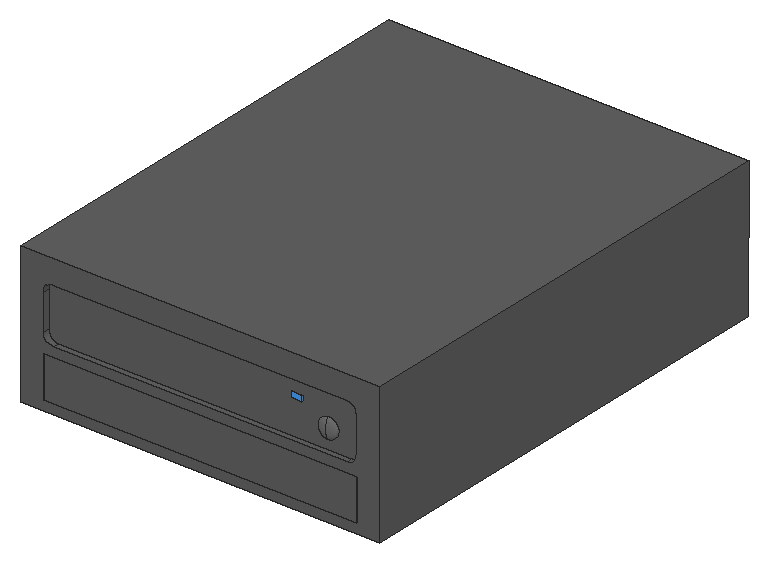
Revit family "Network IO Expander-Control-Q-SYS-QIO-LVR4", category Communication Devices, host Face, Revit 2022
Family settings
  Host = Face
  Round Connector Dimension = Use Diameter
  Part Type = Normal
  OmniClass Number = 23.85.10.17.11
  OmniClass Title = Audio-Visual System Components
  Cut with Voids When Loaded = No
  Maintain Annotation Orientation = No
  Shared = No
  Room Calculation Point = No
Parameters (values of type "LVR4")
  Width = 109.0 mm
  Weight Product = 1.18
  Weight Dimensional = 1.84
  Weight = 1.18 lbm
  Voltage = 24 V
  URL = "https://www.qsys.com/"
  Type Comments = "LVR4"
  Product Page URL = "https://www.qsys.com/products/q-sys/control-io-controllers/qio-series/qio-lvr4/?L=0"
  Product Documentation Link = "https://www.qsys.com/resource-files/productresources/dn/qio_series/lvr4/q_dn_qsys_qio_lvr4_specs.pdf"
  Power Factor = 0.9
  Part Number = ""
  Number of Poles = 2
  Model = "LVR4"
  Minimum Circuit Amps = 2.5 A
  Manufacturer URL = "https://www.qsys.com/"
  Manufacturer = "Q-SYS"
  Load Classification = Other
  Length 6 = 2.0 mm
  Length 5 = 11.0 mm
  Length 4 = 0.5 mm
  Length 3 = 7.0 mm
  Length 2 = 11.0 mm
  Length 1 = 3.0 mm
  LED Material = Plastic - Q-SYS - LED Blue
  IQ Category = "Network IO Expander"  # constant formula
  Highlight Material = Plastic - Q-SYS - Black
  Height = 42.4 mm
  Grille Material = Paint - Q-SYS - Black Mesh 2
  Frame Depth = 2.0 mm
  Description = "Surface mounted network low-voltage relay expander for Q-SYS platform."
  Depth = 140.0 mm
  Default Elevation = 1219.2 mm
  Body Width = Width  # 109.0 mm
  Body Offset = 0.0 mm
  Body Material = Paint - Q-SYS - Black
  Apparent Load = Voltage * Minimum Circuit Amps / Power Factor  # 66.6667 VA
Reference planes
  plane 1 "Center (Front/Back)": y = 0
  plane 2: z = 0
  plane 3 "Center (Left/Right)": x = 0
  plane 4 "Back": y = 70
  plane 5 "Front": y = -70
  plane 6 "Left": x = -54.5
  plane 7 "Right": x = 54.5
  plane 8 "body left": x = -54.5
  plane 9 "body right": x = 54.5
  plane 10 "Bottom": z = 0
  plane 11 "Top": z = 42.4
  plane 12 "body bottom": z = 0
  plane 13: z = 35.4
  plane 14: z = 18.4
  plane 15: x = -47.5
  plane 16: x = 47.5
  plane 17: y = -68
  plane 18: x = 37.5
  plane 19: z = 24.4
  plane 20: y = -66
Forms (mm)
  Extrusion 1, solid, detail levels coarse
    sketch origin (0, 0, 0) x (1, 0, 0) y (0, 1, 0)
      loop
        line (-54.5, 70) -> (-54.5, -70) -> (54.5, -70) -> (54.5, 70) -> (-54.5, 70)
    from 0 to 42.4
  Extrusion 2, solid, material "Paint - Q-SYS - Black" <- "Body Material", detail levels medium+fine
    sketch origin (0, 0, 42.4) x (-1, 0, 0) y (0, -1, 0)
      loop
        line (54.5, -70) -> (54.5, 70) -> (-54.5, 70) -> (-54.5, -70) -> (54.5, -70)
    from -42.4 to 0
  Extrusion 3, void
    sketch origin (0, -70, 0) x (-1, 0, 0) y (0, 0, 1)
      loop
        line (44.5, 35.4) -> (-44.5, 35.4)
        arc (-44.5, 35.4) -> (-46.621, 34.521) -> (-47.5, 32.4) r 3
        line (-47.5, 32.4) -> (-47.5, 21.4)
        arc (-47.5, 21.4) -> (-46.621, 19.279) -> (-44.5, 18.4) r 3
        line (-44.5, 18.4) -> (44.5, 18.4)
        arc (44.5, 18.4) -> (46.621, 19.279) -> (47.5, 21.4) r 3
        line (47.5, 21.4) -> (47.5, 32.4)
        arc (47.5, 32.4) -> (46.621, 34.521) -> (44.5, 35.4) r 3
    from 0 to 2
  Extrusion 4, void
    sketch origin (0, -70, 0) x (-1, 0, 0) y (0, 0, 1)
      loop
        line (-47.5, 15.4) -> (-47.5, 3) -> (47.5, 3) -> (47.5, 15.4) -> (-47.5, 15.4)
    from 2 to 0
  Extrusion 5, solid, material "Paint - Q-SYS - Black Mesh 2" <- "Grille Material", detail levels medium+fine
    sketch origin (0, -70, 0) x (-1, 0, 0) y (0, 0, 1)
      loop
        line (-47.5, 15.4) -> (-47.5, 3) -> (47.5, 3) -> (47.5, 15.4) -> (-47.5, 15.4)
    from 2 to 0
  Revolve 6, solid, material "Plastic - Q-SYS - Black" <- "Highlight Material", detail levels fine
    sketch origin (37.5, -4572, 54.072) x (0, 0, 1) y (0, -1, 0)
      loop
        line (-29.672, -4504) -> (-26.63, -4504)
        spline (-26.63, -4504) -> (-26.656, -4503.869) -> (-26.733, -4503.741) -> (-26.861, -4503.617) -> (-27.037, -4503.5) -> (-27.258, -4503.391) -> (-27.521, -4503.293) -> (-27.82, -4503.207) -> (-28.151, -4503.134) -> (-28.507, -4503.076) -> (-28.884, -4503.034) -> (-29.275, -4503.009) -> (-29.672, -4503)
        line (-29.672, -4503) -> (-29.672, -4504)
      axis (-29.672, -4504) -> (-29.672, -4503)
    angle from 0 to 360
  Extrusion 7, solid, material "Plastic - Q-SYS - LED Blue" <- "LED Material", detail levels fine
    sketch origin (-210.176, -66, 1219.2) x (-1, 0, 0) y (0, 0, 1)
      loop
        line (-236.544, -1188.705) -> (-239.792, -1188.705) -> (-239.792, -1190.329) -> (-236.544, -1190.329) -> (-236.544, -1188.705)
    from 0 to -2.2
  Extrusion 8, solid, material "Paint - Q-SYS - Black" <- "Body Material", detail levels medium+fine
    sketch origin (0, 70, 0) x (-1, 0, 0) y (0, 0, 1)
      loop
        line (-47.5, 14) -> (-47.5, 7) -> (-36.5, 7) -> (-36.5, 14) -> (-47.5, 14)
      loop
        line (-25, 7) -> (-25, 14) -> (-36, 14) -> (-36, 7) -> (-25, 7)
      loop
        line (-24.5, 14) -> (-24.5, 7) -> (-13.5, 7) -> (-13.5, 14) -> (-24.5, 14)
      loop
        line (-2, 7) -> (-2, 14) -> (-13, 14) -> (-13, 7) -> (-2, 7)
    from 0 to -1
Cuts and joins
  Extrusion 3, Extrusion 4 cuts Extrusion 2
Lines and regions (mm)
  Masking region 1, detail levels coarse
    outline origin (0, 0, 0) x (1, 0, 0) y (0, 1, 0)
      loop
        line (-54.5, 70) -> (-54.5, -70) -> (54.5, -70) -> (54.5, 70) -> (-54.5, 70)
  Masking region 2, detail levels coarse
    outline origin (0, 0, 0) x (1, 0, 0) y (0, 0, 1)
      loop
        line (54.5, 42.4) -> (-54.5, 42.4) -> (-54.5, 0) -> (54.5, 0) -> (54.5, 42.4)
  Masking region 3, detail levels medium+fine
    outline origin (0, 0, 0) x (1, 0, 0) y (0, 0, 1)
      loop
        line (54.5, 42.4) -> (-54.5, 42.4) -> (-54.5, 0) -> (54.5, 0) -> (54.5, 42.4)
  Masking region 4, detail levels coarse
    outline origin (0, 0, 0) x (0, 1, 0) y (0, 0, 1)
      loop
        line (-70, 42.4) -> (-70, 0) -> (70, 0) -> (70, 42.4) -> (-70, 42.4)
  Masking region 5, detail levels medium+fine
    outline origin (0, 0, 0) x (0, 1, 0) y (0, 0, 1)
      loop
        line (-70, 42.4) -> (-70, 0) -> (70, 0) -> (70, 42.4) -> (-70, 42.4)
  Masking region 6, detail levels medium+fine
    outline origin (0, 0, 42.4) x (-1, 0, 0) y (0, -1, 0)
      loop
        line (-54.5, -70) -> (54.5, -70) -> (54.5, 70) -> (-54.5, 70) -> (-54.5, -70)
  symbolic lines, style "Detail", detail levels fine
    curve 1: circle (37.5, -70, 24.4) r 3.042 normal (0, 1, 0)
    curve 10: line (26.367, -70, 28.871) -> (29.615, -70, 28.871)
    curve 11: line (29.615, -70, 28.871) -> (29.615, -70, 30.495)
    curve 12: line (29.615, -70, 30.495) -> (26.367, -70, 30.495)
    curve 13: line (26.367, -70, 30.495) -> (26.367, -70, 28.871)
  symbolic lines, style "Outline", detail levels medium+fine
    curve 2: line (-44.5, -70, 35.4) -> (44.5, -70, 35.4)
    curve 3: arc (44.5, -70, 35.4) -> (46.621, -70, 34.521) -> (47.5, -70, 32.4) r 3
    curve 4: line (47.5, -70, 32.4) -> (47.5, -70, 21.4)
    curve 5: arc (47.5, -70, 21.4) -> (46.621, -70, 19.279) -> (44.5, -70, 18.4) r 3
    curve 6: line (44.5, -70, 18.4) -> (-44.5, -70, 18.4)
    curve 7: arc (-44.5, -70, 18.4) -> (-46.621, -70, 19.279) -> (-47.5, -70, 21.4) r 3
    curve 8: line (-47.5, -70, 21.4) -> (-47.5, -70, 32.4)
    curve 9: arc (-47.5, -70, 32.4) -> (-46.621, -70, 34.521) -> (-44.5, -70, 35.4) r 3
Dimensions and locks
  equal spacing: plane 4 "Back", plane 1 "Center (Front/Back)", plane 5 "Front"
  "Depth": plane 4 "Back" to plane 5 "Front"
  equal spacing: plane 6 "Left", plane 3 "Center (Left/Right)", plane 7 "Right"
  "Width": plane 6 "Left" to plane 7 "Right"
  "Height": plane 11 "Top" to plane 12 "body bottom"
  "Body Offset": plane 12 "body bottom" to plane 10 "Bottom"
  equal spacing: plane 8 "body left", plane 3 "Center (Left/Right)", plane 9 "body right"
  "Body Width": plane 8 "body left" to plane 9 "body right"
  locked: plane 13 to plane 14 at 17
  locked: plane 11 "Top" to plane 13 at 7
  locked: plane 9 "body right" to plane 16 at 7
  locked: plane 15 to plane 8 "body left" at 7
  "Frame Depth": plane 17 to plane 5 "Front"
  locked: plane 19 to plane 14 at 6
  "Frame Depth": plane 20 to plane 17
  plane 16 to plane 18 = 10.0 mm
  "Length 1": Extrusion 4 sketch curve to plane 12 "body bottom"
  "Length 1": plane 14 to Extrusion 4 sketch curve
  "Length 3": Extrusion 8 sketch curve to Extrusion 8 sketch curve
  locked: plane 12 "body bottom" to Extrusion 8 sketch curve at 7
  "Length 2": Extrusion 8 sketch curve to Extrusion 8 sketch curve
  "Length 4": Extrusion 8 sketch curve to Extrusion 8 sketch curve  (x3)
  "Length 1": radius of Extrusion 3 sketch curve  (x4)
  aligned and locked: plane 2 to host face
  aligned and locked: level to host face
  aligned and locked: plane 6 "Left" to Extrusion 1 sketch curve
  aligned and locked: Extrusion 1 sketch curve to plane 4 "Back"
  aligned and locked: Extrusion 1 sketch curve to plane 7 "Right"
  aligned and locked: plane 5 "Front" to Extrusion 1 sketch curve
  aligned and locked: level to plane 10 "Bottom"
  aligned and locked: plane 6 "Left" to Masking region 1 sketch curve
  aligned and locked: Masking region 1 sketch curve to plane 7 "Right"
  aligned and locked: Masking region 1 sketch curve to plane 4 "Back"
  aligned and locked: plane 5 "Front" to Masking region 1 sketch curve
  aligned and locked: Masking region 2 sketch curve to Extrusion 1  (x4)
  aligned and locked: Extrusion 1 to plane 10 "Bottom"
  aligned and locked: plane 11 "Top" to Extrusion 1
  aligned and locked: Masking region 4 sketch curve to Extrusion 1  (x4)
  aligned and locked: Extrusion 2 sketch curve to plane 9 "body right"
  aligned and locked: plane 5 "Front" to Extrusion 2 sketch curve
  aligned and locked: plane 8 "body left" to Extrusion 2 sketch curve
  aligned and locked: Extrusion 2 sketch curve to plane 4 "Back"
  aligned and locked: Extrusion 2 to plane 12 "body bottom"
  aligned and locked: plane 11 "Top" to Extrusion 2
  aligned and locked: plane 15 to Extrusion 3 sketch curve
  aligned and locked: Extrusion 3 sketch curve to plane 16
  aligned and locked: plane 17 to Extrusion 3
  aligned and locked: Extrusion 3 to plane 5 "Front"
  aligned and locked: Extrusion 4 to plane 17
  aligned and locked: cut or joined group of Extrusion 2, Extrusion 3, Extrusion 4 to Extrusion 5 sketch curve  (x2)
  aligned and locked: Extrusion 5 sketch curve to cut or joined group of Extrusion 2, Extrusion 3, Extrusion 4  (x2)
  aligned and locked: Extrusion 5 to plane 17
  aligned and locked: Revolve 6 sketch curve to plane 19
  aligned and locked: Masking region 6 sketch curve to cut or joined group of Extrusion 2, Extrusion 3, Extrusion 4  (x4)
  aligned and locked: curve 1 to Revolve 6
  aligned and locked: curve 3 to cut or joined group of Extrusion 2, Extrusion 3, Extrusion 4
  aligned and locked: curve 5 to cut or joined group of Extrusion 2, Extrusion 3, Extrusion 4
  aligned and locked: curve 7 to cut or joined group of Extrusion 2, Extrusion 3, Extrusion 4
  aligned and locked: curve 9 to cut or joined group of Extrusion 2, Extrusion 3, Extrusion 4
  aligned and locked: plane 16 to Extrusion 4 sketch curve
  aligned and locked: Extrusion 4 sketch curve to plane 15
  aligned and locked: Extrusion 8 sketch curve to Extrusion 8 sketch curve  (x4)
  aligned and locked: curve 10 to Extrusion 7
  aligned and locked: curve 11 to Extrusion 7
  aligned and locked: curve 12 to Extrusion 7
  aligned and locked: curve 13 to Extrusion 7
Automatic sketch dimensions
  host sketch curve to host sketch curve = 2438.4 mm  (x2)
  plane 19 to Extrusion 7 sketch curve = 4.471 mm
  Extrusion 7 sketch curve to Extrusion 7 sketch curve = 1.624 mm
  Extrusion 7 sketch curve to plane 16 = 17.885 mm
  Extrusion 7 sketch curve to Extrusion 7 sketch curve = 3.248 mm
  Masking region 3 sketch curve to plane 6 "Left" = 0.0 mm
  Masking region 3 sketch curve to level = 0.0 mm
  Masking region 3 sketch curve to plane 7 "Right" = 0.0 mm
  Masking region 3 sketch curve to plane 11 "Top" = 0.0 mm
  Masking region 5 sketch curve to plane 5 "Front" = 0.0 mm
  Masking region 5 sketch curve to level = 0.0 mm
  Masking region 5 sketch curve to plane 4 "Back" = 0.0 mm
  Masking region 5 sketch curve to plane 11 "Top" = 0.0 mm
  Revolve 6 sketch curve to plane 17 = 0.0 mm
  Revolve 6 sketch curve to plane 19 = 0.0 mm  (x2)
  Revolve 6 sketch curve to Revolve 6 sketch curve = 3.042 mm
  Revolve 6 sketch curve to Revolve 6 sketch curve = 1.0 mm
  plane 20 to Revolve 6 sketch curve = 22.85 mm
  Revolve 6 sketch curve to plane 5 "Front" = 26.848 mm
  Extrusion 3 sketch curve to plane 14 = 0.0 mm
  Extrusion 3 sketch curve to plane 13 = 0.0 mm
  Extrusion 8 sketch curve to plane 16 = 0.0 mm
  Extrusion 8 sketch curve to plane 14 = 4.4 mm
  Extrusion 8 sketch curve to Extrusion 8 sketch curve = 11.0 mm  (x2)
  plane 3 "Center (Left/Right)" to Extrusion 8 sketch curve = 2.0 mm
  level to Extrusion 8 sketch curve = 7.0 mm
Connectors
  electrical at (0, 70, 21.2), driven by "Number of Poles", driven by "Load Classification", driven by "Voltage", driven by "Apparent Load", driven by "Power Factor"
    settings: on cut or joined group of Extrusion 2, Extrusion 3, Extrusion 4, index 1, voltage 24 V, apparent load 66.6667 VA, apparent load phase1 0 VA, apparent load phase2 0 VA, apparent load phase3 0 VA, power factor 0.9, load classification "Other", number of poles 2, system type 30, power factor state 1, is connector primary yes, connector utility no, sub classification motor no, connector description "Power"
  electrical at (0, 70, 21.2)
    settings: on cut or joined group of Extrusion 2, Extrusion 3, Extrusion 4, index 2, voltage 0 V, apparent load 0 VA, apparent load phase1 0 VA, apparent load phase2 0 VA, apparent load phase3 0 VA, power factor 1, load classification "Other", number of poles 1, system type 5, power factor state 1, is connector primary no, connector utility no, sub classification motor no, connector description "Ethernet Network"
  electrical at (42, 70, 10.5)
    settings: on Extrusion 8, index 3, voltage 0 V, apparent load 0 VA, apparent load phase1 0 VA, apparent load phase2 0 VA, apparent load phase3 0 VA, power factor 1, load classification "Other", number of poles 1, system type 13, power factor state 1, is connector primary no, connector utility no, sub classification motor no, connector description "RELAY Output 1"
  electrical at (30.5, 70, 10.5)
    settings: on Extrusion 8, index 4, voltage 0 V, apparent load 0 VA, apparent load phase1 0 VA, apparent load phase2 0 VA, apparent load phase3 0 VA, power factor 1, load classification "Other", number of poles 1, system type 13, power factor state 1, is connector primary no, connector utility no, sub classification motor no, connector description "RELAY Output 2"
  electrical at (19, 70, 10.5)
    settings: on Extrusion 8, index 5, voltage 0 V, apparent load 0 VA, apparent load phase1 0 VA, apparent load phase2 0 VA, apparent load phase3 0 VA, power factor 1, load classification "Other", number of poles 1, system type 13, power factor state 1, is connector primary no, connector utility no, sub classification motor no, connector description "RELAY Output 3"
  electrical at (7.5, 70, 10.5)
    settings: on Extrusion 8, index 6, voltage 0 V, apparent load 0 VA, apparent load phase1 0 VA, apparent load phase2 0 VA, apparent load phase3 0 VA, power factor 1, load classification "Other", number of poles 1, system type 13, power factor state 1, is connector primary no, connector utility no, sub classification motor no, connector description "RELAY Output 4"
